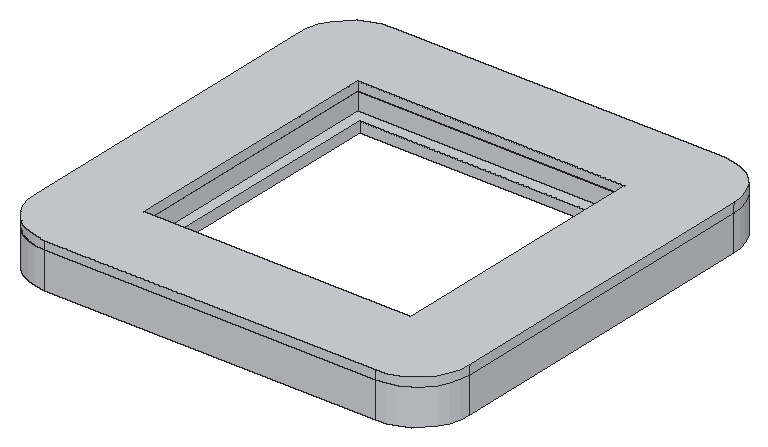
Revit family "Gira_0211413", category Electrical Fixtures, host Face, Revit 2017
Family settings
  Host = Face
  Maintain Annotation Orientation = No
  Round Connector Dimension = Use Diameter
  Part Type = Normal
  Cut with Voids When Loaded = No
  Shared = No
  Room Calculation Point = No
Parameters (values of type "Abdeckrahmen 1f Gira E3 Dklgrau/Reinweiß")
  Werkstoffgüte = "sonstige"
  Werkstoff = "sonstige"
  URL = "http://katalog.gira.de/de_DE/datenblatt.html?artikelnr=0211413"
  Transparent = "No"
  Textfeld/Beschriftungsfläche = "No"
  Schutzart (IP) = "IP20"
  Region = "DE"
  Oberfläche = "sonstige"
  Name = "Abdeckrahmen 1f Gira E3 Dklgrau/Reinweiß"
  Montagerichtung = "horizontal und vertikal"
  Mit Montagerahmen = "No"
  Mit Klappdeckel = "No"
  Manufacturer URL = "https://www.gira.de/"
  Keynote = "E3_Rahmen_1fach"
  HeinzeBIM = "https://bimportal.heinze.de/bim/abdeckrahmen-1f-gira-e3-dklgrau-reinweiss/19f9a154e27692f283215f03acee91920990353f"
  Halogenfrei = "Yes"
  HAN = "0211413"
  Geeignet für Unterputz-Installation = "Yes"
  Geeignet für Unterflurkanaldose = "No"
  Geeignet für Geräteeinbaukanal = "No"
  Geeignet für Einbauinstallation = "No"
  GTIN = "4010337024026"
  Farbe = "sonstige"
  Default Elevation = 1219.2 mm
  Data sheet (1) = "https://katalog.gira.de/de_DE/download.html?artikelnr=0211413"
  Category = "Abdeckrahmen"
  Befestigungsart = "Klemmbefestigung"
  Available = "Yes"
  Anzahl der Einheiten vertikal = "1 "
  Anzahl der Einheiten horizontal = "1 "
  Anzahl der Einheiten = "1 "
Reference planes
  plane 1 "Center (Front/Back)": y = 0
  plane 2: z = 0
  plane 3 "Center (Left/Right)": x = 0
Forms (mm)
  Extrusion 1, solid, detail levels fine
    sketch origin (0, 0, 0) x (1, 0, 0) y (0, 1, 0)
      loop
        arc (-34.8, 45.809) -> (-42.585, 42.585) -> (-45.809, 34.8) r 11.009
        line (-45.809, 34.8) -> (-45.809, -34.8)
        arc (-45.809, -34.8) -> (-42.585, -42.585) -> (-34.8, -45.809) r 11.009
        line (-34.8, -45.809) -> (34.8, -45.809)
        arc (34.8, -45.809) -> (42.585, -42.585) -> (45.809, -34.8) r 11.009
        line (45.809, -34.8) -> (45.809, 34.8)
        arc (45.809, 34.8) -> (42.585, 42.585) -> (34.8, 45.809) r 11.009
        line (34.8, 45.809) -> (-34.8, 45.809)
      loop
        line (28.187, 28.156) -> (-28.187, 28.156) -> (-28.187, -28.156) -> (28.187, -28.156) -> (28.187, 28.156)
    from 7.65 to 9.5
  Extrusion 2, solid, detail levels fine
    sketch origin (0, 0, 0) x (1, 0, 0) y (0, 1, 0)
      loop
        line (25.7, 25.7) -> (-25.7, 25.7) -> (-25.7, -25.7) -> (25.7, -25.7) -> (25.7, 25.7)
      loop
        line (-28.187, -28.156) -> (28.187, -28.156) -> (28.187, 28.156) -> (-28.187, 28.156) -> (-28.187, -28.156)
    from 1.65 to 3.9
  Extrusion 3, solid, detail levels fine
    sketch origin (0, 0, 0) x (1, 0, 0) y (0, 1, 0)
      loop
        arc (-34.8, 45.809) -> (-42.585, 42.585) -> (-45.809, 34.8) r 11.009
        line (-45.809, 34.8) -> (-45.809, -34.8)
        arc (-45.809, -34.8) -> (-42.585, -42.585) -> (-34.8, -45.809) r 11.009
        line (-34.8, -45.809) -> (34.8, -45.809)
        arc (34.8, -45.809) -> (42.585, -42.585) -> (45.809, -34.8) r 11.009
        line (45.809, -34.8) -> (45.809, 34.8)
        arc (45.809, 34.8) -> (42.585, 42.585) -> (34.8, 45.809) r 11.009
        line (34.8, 45.809) -> (-34.8, 45.809)
      loop
        line (-43.843, 34.785) -> (-43.843, -34.785)
        arc (-43.843, -34.785) -> (-41.19, -41.19) -> (-34.785, -43.843) r 9.058
        line (-34.785, -43.843) -> (34.785, -43.843)
        arc (34.785, -43.843) -> (41.19, -41.19) -> (43.843, -34.785) r 9.058
        line (43.843, -34.785) -> (43.843, 34.785)
        arc (43.843, 34.785) -> (41.19, 41.19) -> (34.785, 43.843) r 9.058
        line (34.785, 43.843) -> (-34.785, 43.843)
        arc (-34.785, 43.843) -> (-41.19, 41.19) -> (-43.843, 34.785) r 9.058
    from 0 to 7.65
  Extrusion 4, solid, detail levels fine
    sketch origin (0, 0, 0) x (1, 0, 0) y (0, 1, 0)
      loop
        line (-27.337, -31.075) -> (27.337, -31.075)
        arc (27.337, -31.075) -> (29.98, -29.98) -> (31.075, -27.337) r 3.739
        line (31.075, -27.337) -> (31.075, 27.337)
        arc (31.075, 27.337) -> (29.98, 29.98) -> (27.337, 31.075) r 3.739
        line (27.337, 31.075) -> (-27.337, 31.075)
        arc (-27.337, 31.075) -> (-29.98, 29.98) -> (-31.075, 27.337) r 3.739
        line (-31.075, 27.337) -> (-31.075, -27.337)
        arc (-31.075, -27.337) -> (-29.98, -29.98) -> (-27.337, -31.075) r 3.739
      loop
        line (-29.925, 27.537) -> (-29.925, -27.537)
        arc (-29.925, -27.537) -> (-29.226, -29.226) -> (-27.537, -29.925) r 2.389
        line (-27.537, -29.925) -> (27.537, -29.925)
        arc (27.537, -29.925) -> (29.226, -29.226) -> (29.925, -27.537) r 2.389
        line (29.925, -27.537) -> (29.925, 27.537)
        arc (29.925, 27.537) -> (29.226, 29.226) -> (27.537, 29.925) r 2.389
        line (27.537, 29.925) -> (-27.537, 29.925)
        arc (-27.537, 29.925) -> (-29.226, 29.226) -> (-29.925, 27.537) r 2.389
    from 1.65 to 7.65
  Extrusion 5, solid, detail levels fine
    sketch origin (0, 0, 0) x (1, 0, 0) y (0, 1, 0)
      loop
        line (-32.053, -39.8) -> (32.053, -39.8)
        arc (32.053, -39.8) -> (37.667, -36.708) -> (39.9, -30.7) r 9.2
        line (39.9, -30.7) -> (39.9, 30.7)
        arc (39.9, 30.7) -> (37.205, 37.205) -> (30.7, 39.9) r 9.2
        line (30.7, 39.9) -> (-30.7, 39.9)
        arc (-30.7, 39.9) -> (-37.205, 37.205) -> (-39.9, 30.7) r 9.2
        line (-39.9, 30.7) -> (-39.9, -30.7)
        arc (-39.9, -30.7) -> (-37.667, -36.708) -> (-32.053, -39.8) r 9.2
      loop
        line (-30.7, -31.7) -> (30.7, -31.7)
        arc (30.7, -31.7) -> (31.407, -31.407) -> (31.7, -30.7) r 1
        line (31.7, -30.7) -> (31.7, 30.7)
        arc (31.7, 30.7) -> (31.407, 31.407) -> (30.7, 31.7) r 1
        line (30.7, 31.7) -> (-30.7, 31.7)
        arc (-30.7, 31.7) -> (-31.407, 31.407) -> (-31.7, 30.7) r 1
        line (-31.7, 30.7) -> (-31.7, -30.7)
        arc (-31.7, -30.7) -> (-31.407, -31.407) -> (-30.7, -31.7) r 1
    from 1.65 to 3.9
  Extrusion 6, solid, detail levels fine
    sketch origin (0, 0, 0) x (1, 0, 0) y (0, 1, 0)
      loop
        line (-28.187, 28.156) -> (-28.187, -28.156) -> (28.187, -28.156) -> (28.187, 28.156) -> (-28.187, 28.156)
      loop
        line (-29.925, 29.925) -> (-29.925, -29.925) -> (29.925, -29.925) -> (29.925, 29.925) -> (-29.925, 29.925)
    from 1.65 to 7.65
  Extrusion 7, solid, detail levels coarse+medium
    sketch origin (0, 0, 0) x (1, 0, 0) y (0, 1, 0)
      loop
        line (-45.809, 45.809) -> (-45.809, -45.809) -> (45.809, -45.809) -> (45.809, 45.809) -> (-45.809, 45.809)
    from 0 to 9.5
Dimensions and locks
  aligned and locked: plane 2 to host face
  aligned and locked: level to host face
